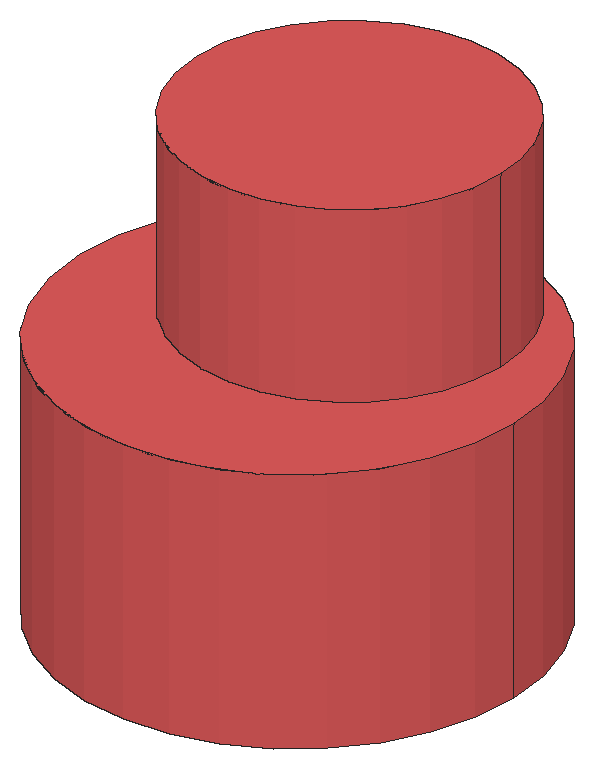
Revit family "Smu_Reducao", category Pipe Fittings, Revit 2025
Family settings
  Round Connector Dimension = Use Diameter
  Part Type = Union
  Work Plane-Based = No
  Always vertical = No
  Cut with Voids When Loaded = No
  Shared = Yes
Parameters
  Tabela [instance] = "Smu_Reducao"
  Nominal Radius2 [instance] = 29.0 mm
  Nominal Radius [instance] = 41.5 mm
  Nominal Diameter2 [instance] = 50.0 mm
  Nominal Diameter [instance] = 75.0 mm
  Material_Conexao = FoFo_SMU
  Manufacturer = "SGC"
  Loss Method = Not Defined
  K Coefficient Table = "Tee"
  Excentricidade [instance] = (Corpo_DE1 - Corpo_DE2) / 2  # 12.5 mm
  Description = "Reduções concecêntricas com bolsas"
  Default Elevation = 0.0 mm
  Código [instance] = size_lookup(Tabela, "Código", "300160", Nominal Diameter, Nominal Diameter2)  # "300160"
  Corpo_L [instance] = size_lookup(Tabela, "Corpo_L", 80.0 mm, Nominal Diameter, Nominal Diameter2)  # 80.0 mm
  Corpo_H [instance] = size_lookup(Tabela, "Corpo_H", 47.0 mm, Nominal Diameter, Nominal Diameter2)  # 47.0 mm
  Corpo_DE2 [instance] = size_lookup(Tabela, "DE2", 58.0 mm, Nominal Diameter, Nominal Diameter2)  # 58.0 mm
  Corpo_DE1 [instance] = size_lookup(Tabela, "DE", 83.0 mm, Nominal Diameter, Nominal Diameter2)  # 83.0 mm
Reference planes
  plane 1 "Center (Front/Back)": y = 0
  plane 2: z = 0
  plane 3 "Center (Left/Right)": x = 468.25
  plane 4: z = 47
  plane 5: z = 80
  plane 6: y = 12.5
Forms (mm)
  Extrusion 1, solid, material "FoFo_SMU" <- "Material_Conexao"
    sketch origin (0, 0, 0) x (1, 0, 0) y (0, 1, 0)
      loop
        circle (468.25, 0) r 41.5
    from 0 to 47
  Extrusion 2, solid, material "FoFo_SMU" <- "Material_Conexao"
    sketch origin (0, -13.85, 0) x (1, 0, 0) y (0, 1, 0)
      loop
        circle (468.25, 26.35) r 29
    from 47 to 80
Dimensions and locks
  "Corpo_L": plane 5 to plane 2
  "Excentricidade": plane 1 "Center (Front/Back)" to plane 6
  "Corpo_H": plane 4 to plane 2
  "Corpo_DE1": diameter of Extrusion 1 sketch curve
  "Corpo_DE2": diameter of Extrusion 2 sketch curve
  aligned and locked: plane 4 to Extrusion 1
  aligned and locked: plane 6 to Extrusion 2 sketch curve
  aligned and locked: plane 5 to Extrusion 2
  aligned and locked: Extrusion 2 to plane 4
Automatic sketch dimensions
  plane 1 "Center (Front/Back)" to Extrusion 1 sketch curve = 0.0 mm
  Extrusion 1 sketch curve to plane 3 "Center (Left/Right)" = 0.0 mm
  Extrusion 2 sketch curve to plane 3 "Center (Left/Right)" = 0.0 mm
Connectors
  piping at (468.25, 12.5, 80), diameter 50, driven by "Nominal Diameter2"
    settings: on Extrusion 2, index 1, connector inside diameter 609.6 mm, connector length 0.0 mm, flow factor 0, pipe flow 0 L/s, pressure drop 0.00 psi, fitting loss kfactor 0, connector angle 0.00°, fixture units 0, engagement length 0.0 mm, angle of deflection 0.00°, flow configuration 0, flow direction 0, fitting loss method 0, system type 28, joint type 0, gender type 0, connector reference index -1, connector utility 0, adjustable connector no, is connector primary yes, connector description ""
  piping at (468.25, 0, 0), diameter 75, driven by "Nominal Diameter"
    settings: on Extrusion 1, index 2, connector inside diameter 609.6 mm, connector length 0.0 mm, flow factor 0, pipe flow 0 L/s, pressure drop 0.00 psi, fitting loss kfactor 0, connector angle 0.00°, fixture units 0, engagement length 0.0 mm, angle of deflection 0.00°, flow configuration 0, flow direction 0, fitting loss method 0, system type 28, joint type 0, gender type 0, connector reference index -1, connector utility 0, adjustable connector no, is connector primary no, connector description ""
